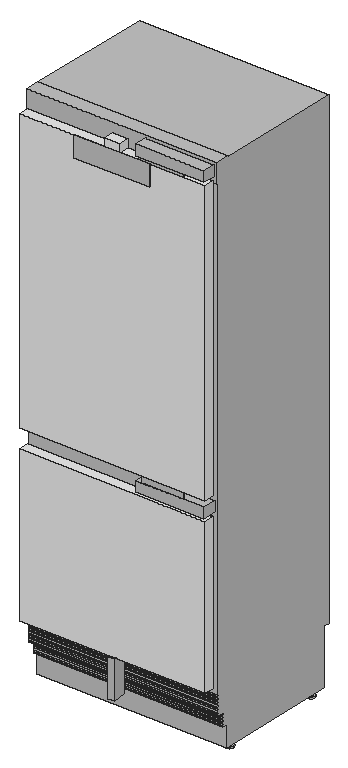
Revit family "FP_Revit_18_RS7621WRUK1_Fridge_90001120A", category Specialty Equipment, Revit 2018
Family settings
  Round Connector Dimension = Use Diameter
  Part Type = Normal
  OmniClass Number = 23.40.40.11.11
  OmniClass Title = Refrigerators and Freezers
  Work Plane-Based = No
  Always vertical = Yes
  Cut with Voids When Loaded = Yes
  Shared = No
  Room Calculation Point = No
Parameters
  Visibility - Visibility Control Note = yes
  Visibility - Clearance Required = yes
  URL = "www.fisherpaykel.com"
  Stainless Steel Door Panels (RD7621WRD) = no
  Product - Width = 756 mm  # constant formula
  Product - Height = 2134 mm  # constant formula
  Product - Depth (exl front panel) = 610 mm  # constant formula
  Model = "RS7621WRUK1"
  Material - Handle = Fisher & Paykel - Aluminium, Dark
  Material - Door Structure = Fisher & Paykel - White
  Material - Door Front = Fisher & Paykel - Stainless Steel
  Material - Body = Fisher & Paykel - Grey
  Manufacturer = "Fisher & Paykel Appliances"
  Handle Style - Contemporary Square Fine Black (AHD5RD7621WB) = no
  Handle Style - Contemporary Square Fine (AHD5RD7621W) = no
  Handle Style - Contemporary Square (AHD3RD7621W) = no
  Handle Style - Contemporary Round (AHSRD7621W) = no
  Description = "76cm Integrated Column Freezer with internal Ice & Water"
  Connector Description - Water = "1/2 BSP Stainless steel braided hose"
  Connector Description - Electrical = "230 V, 10 amp fused electrical supply"
  Cavity - Width = 762 mm  # constant formula
  Cavity - Height = 2134 mm  # constant formula
  Cavity - Depth = 650 mm  # constant formula
Reference planes
  plane 1 "Datum": y = 0
  plane 2: z = 0
  plane 3 "Center (Left/Right)": x = 0
  plane 4 "Product LHS": x = -378
  plane 5 "Product RHS": x = 378
  plane 6 "Product - Depth": y = 610
  plane 7 "Cavity LHS": x = -381
  plane 8 "Cavity RHS": x = 381
  plane 9 "Cavity - Depth": y = 628
  plane 10 "Handle Offset": x = -315
  plane 11 "Product Height": z = 2134
  plane 12 "Cavity Height": z = 2134
  plane 13 "Door Panel Datum": y = -4.1
Forms (mm)
  Extrusion 1, solid, material "Fisher & Paykel - Grey" <- "Material - Body", detail levels fine
    sketch origin (0, 0, 0) x (0, 1, 0) y (0, 0, 1)
      loop
        line (100.1, 19.1) -> (587.9, 19.1) -> (587.9, 239.7) -> (610, 239.7) -> (610, 2132.3) -> (105.1, 2132.3) -> (105.1, 2134) -> (49.9, 2134) -> (49.9, 2059) -> (56, 2059) -> (56, 228.6) -> (59.5, 228.6) -> (59.5, 219.7) -> (56.5, 219.7) -> (56.5, 215.9) -> (59.5, 215.9) -> (59.5, 207) -> (56.5, 207) -> (56.5, 203.2) -> (59.5, 203.2) -> (59.5, 194.3) -> (56.5, 194.3) -> (56.5, 190.5) -> (59.5, 190.5) -> (59.5, 181.6) -> (56.5, 181.6) -> (56.5, 177.8) -> (59.5, 177.8) -> (59.5, 168.9) -> (56.5, 168.9) -> (56.5, 165.1) -> (59.5, 165.1) -> (59.5, 156.2) -> (56.5, 156.2) -> (56.5, 152.4) -> (84.1, 152.4) -> (84.1, 143.5) -> (81.1, 143.5) -> (81.1, 139.7) -> (84.1, 139.7) -> (84.1, 130.8) -> (81.1, 130.8) -> (81.1, 127) -> (84.1, 127) -> (84.1, 118.1) -> (81.1, 118.1) -> (81.1, 114.3) -> (84.1, 114.3) -> (84.1, 105.4) -> (81.1, 105.4) -> (81.1, 101.6) -> (100.1, 101.6) -> (100.1, 19.1)
    from -378 to 378
  Extrusion 2, solid, material "Fisher & Paykel - Grey" <- "Material - Body"
    sketch origin (0, 0, 0) x (1, 0, 0) y (0, 1, 0)
      loop
        circle (-357.5, 547.8) r 4.1
      loop
        circle (-357.5, 141.8) r 4.1
      loop
        circle (357.5, 547.8) r 4.1
      loop
        circle (357.5, 141.8) r 4.1
    from 3 to 19.1
  Extrusion 3, solid, material "Fisher & Paykel - Grey" <- "Material - Body"
    sketch origin (0, 0, 0) x (1, 0, 0) y (0, 1, 0)
      loop
        circle (-357.5, 547.8) r 14.5
      loop
        circle (-357.5, 141.8) r 14.555
      loop
        circle (357.5, 547.8) r 14.5
      loop
        circle (357.5, 141.8) r 14.555
    from 0 to 3
  Extrusion 4, solid, material "Fisher & Paykel - Grey" <- "Material - Body", detail levels fine
    sketch origin (0, 0, 0) x (1, 0, 0) y (0, 1, 0)
      loop
        line (-7.5, 49) -> (-13.797, -4.1) -> (13.797, -4.1) -> (7.5, 49) -> (-7.5, 49)
    from 104.2 to 253.8
  Extrusion 5, solid, material "Fisher & Paykel - Grey" <- "Material - Body", detail levels fine
    sketch origin (0, 0, 0) x (0, 1, 0) y (0, 0, 1)
      loop
        line (0, 2070.6) -> (0, 1988.6) -> (2, 1988.6) -> (2, 2068.6) -> (4, 2068.6) -> (4, 2070.6) -> (0, 2070.6)
    from -150 to 150
  Extrusion 6, solid, material "Fisher & Paykel - Grey" <- "Material - Body"
    sketch origin (0, 0, 0) x (1, 0, 0) y (0, 0, 1)
      loop
        circle (303, 119.813) r 5
      loop
        circle (-303, 119.813) r 5
    from -590 to -587.9
  Extrusion 7, solid, material "Fisher & Paykel - White" <- "Material - Door Structure"
    sketch origin (0, 0, 0) x (1, 0, 0) y (0, 1, 0)
      loop
        line (-353, 56) -> (-353, 42) -> (353, 42) -> (353, 56) -> (-353, 56)
    from 951.3 to 2030.7
  Extrusion 8, solid, material "Fisher & Paykel - White" <- "Material - Door Structure"
    sketch origin (0, 0, 0) x (1, 0, 0) y (0, 1, 0)
      loop
        line (-369.4, 42) -> (-369.4, 3) -> (369.4, 3) -> (369.4, 42) -> (-369.4, 42)
    from 943.8 to 2068.6
  Extrusion 9, solid, material "Fisher & Paykel - White" <- "Material - Door Structure", detail levels fine
    sketch origin (0, 0, 0) x (1, 0, 0) y (0, 0, 1)
      loop
        line (-29.5, 2100.1) -> (-29.5, 2068.6) -> (29.5, 2068.6) -> (29.5, 2100.1) -> (-29.5, 2100.1)
    from -42 to -3
  Extrusion 10, solid, material "Fisher & Paykel - Stainless Steel" <- "Material - Door Front", visible <- "Stainless Steel Door Panels (RD7621WRD)"
    sketch origin (0, 0, 0) x (0, 1, 0) y (0, 0, 1)
      loop
        line (-22.1, 2130.8) -> (-22.1, 876.3) -> (-4.1, 876.3) -> (-4.1, 2130.8) -> (-22.1, 2130.8)
      loop
        line (-22.1, 102) -> (-4.1, 102) -> (-4.1, 873.1) -> (-22.1, 873.1) -> (-22.1, 102)
    from -378 to 378
  Extrusion 11, solid, material "Fisher & Paykel - Grey" <- "Material - Body", detail levels coarse+medium
    sketch origin (0, 0, 0) x (0, 1, 0) y (0, 0, 1)
      loop
        line (49.9, 2134) -> (49.9, 2059) -> (56, 2059) -> (56, 152.4) -> (81.1, 152.4) -> (81.1, 101.6) -> (100.1, 101.6) -> (100.1, 19.1) -> (587.9, 19.1) -> (587.9, 239.7) -> (610, 239.7) -> (610, 2134) -> (49.9, 2134)
    from -378 to 378
  Extrusion 12, solid, material "Fisher & Paykel - Grey" <- "Material - Body", detail levels fine
    sketch origin (0, 0, -4) x (0, 1, 0) y (0, 0, 1)
      loop
        arc (163.888, 23.1) -> (180.4, 13.63) -> (196.912, 23.1) r 19.13
        line (196.912, 23.1) -> (163.888, 23.1)
      loop
        arc (493.888, 23.1) -> (510.4, 13.63) -> (526.912, 23.1) r 19.13
        line (526.912, 23.1) -> (493.888, 23.1)
    from 191 to 219
  Extrusion 13, solid, material "Fisher & Paykel - Grey" <- "Material - Body", detail levels fine
    sketch origin (0, 0, -4) x (0, 1, 0) y (0, 0, -1)
      loop
        line (163.888, -23.1) -> (196.912, -23.1)
        arc (196.912, -23.1) -> (180.4, -13.63) -> (163.888, -23.1) r 19.13
      loop
        line (493.888, -23.1) -> (526.912, -23.1)
        arc (526.912, -23.1) -> (510.4, -13.63) -> (493.888, -23.1) r 19.13
    from 191 to 219
  Extrusion 14, solid, material "Fisher & Paykel - Clearance Required", visible <- "Visibility - Clearance Required", detail levels coarse
    sketch origin (0, 0, 0) x (1, 0, 0) y (0, 1, 0)
      loop
        line (-381, 628) -> (-381, -4.1) -> (381, -4.1) -> (381, 628) -> (-381, 628)
    from 0 to 2134
  Extrusion 15, void
    sketch origin (0, 0, 0) x (1, 0, 0) y (0, 1, 0)
      loop
        line (-381, 628) -> (-381, -22.1) -> (381, -22.1) -> (381, 628) -> (-381, 628)
    from 0 to 2134
  Extrusion 16, solid, material "Fisher & Paykel - Grey" <- "Material - Body", detail levels fine
    sketch origin (0, 0, 0) x (1, 0, 0) y (0, 0, 1)
      loop
        line (118.4, 943.8) -> (118.4, 919.35) -> (282.9, 919.35) -> (282.9, 943.8) -> (118.4, 943.8)
      loop
        line (106, 2081.05) -> (106, 2068.6) -> (282.9, 2068.6) -> (282.9, 2076.05) -> (242.9, 2081.05) -> (106, 2081.05)
    from -7 to -4
  Extrusion 17, solid, material "Fisher & Paykel - White" <- "Material - Door Structure"
    sketch origin (0, 0, 0) x (1, 0, 0) y (0, 1, 0)
      loop
        line (-369.4, 42) -> (-369.4, 3) -> (369.4, 3) -> (369.4, 42) -> (-369.4, 42)
    from 253.8 to 868.15
  Extrusion 18, solid, material "Fisher & Paykel - White" <- "Material - Door Structure"
    sketch origin (0, 0, 0) x (1, 0, 0) y (0, 1, 0)
      loop
        line (-353, 56) -> (-353, 42) -> (353, 42) -> (353, 56) -> (-353, 56)
    from 269.2 to 858.13
  Extrusion 19, solid, material "Fisher & Paykel - Clearance Required", visible <- "Visibility - Clearance Required", detail levels coarse
    sketch origin (0, 0, 0) x (0, 1, 0) y (0, 0, 1)
      loop
        line (-422.1, 873.1) -> (-422.1, 818.896) -> (-482.1, 818.896) -> (-482.1, 781.896) -> (-422.1, 781.896) -> (-422.1, 101.6) -> (-22.1, 101.6) -> (-22.1, 873.1) -> (-422.1, 873.1)
    from -381 to 381
  Extrusion 20, solid, material "Fisher & Paykel - Clearance Required", visible <- "Visibility - Clearance Required", detail levels coarse
    sketch origin (0, -0.697, 0) x (1, 0, 0) y (0, 1, 0)
      loop
        line (-328.5, -21.303) -> (-377.998, -21.303)
        arc (-377.998, -21.303) -> (-22.041, -691.204) -> (734.607, -745.568) r 783.526
        line (734.607, -745.568) -> (712.602, -698.253) -> (738.875, -686.002)
        arc (738.875, -686.002) -> (747.815, -661.44) -> (723.253, -652.5) r 18.483
        line (723.253, -652.5) -> (697.006, -664.698) -> (415.929, -59.898)
        arc (415.929, -59.898) -> (380.987, -56.309) -> (378.07, -21.303) r 27.504
        line (378.07, -21.303) -> (-328.5, -21.303)
    from 876.3 to 2134
  Extrusion 21, solid, material "Fisher & Paykel - Grey" <- "Material - Body", detail levels fine
    sketch origin (0, 0, 0) x (1, 0, 0) y (0, 0, 1)
      loop
        line (366.4, 2123.15) -> (95.42, 2123.15) -> (95.42, 2081.05) -> (366.4, 2081.05) -> (366.4, 2123.15)
    from -49 to -2.5
  Extrusion 22, solid, material "Fisher & Paykel - Grey" <- "Material - Body", detail levels fine
    sketch origin (0, 0, 0) x (1, 0, 0) y (0, 0, 1)
      loop
        line (366.4, 877.25) -> (366.4, 919.35) -> (95.42, 919.35) -> (95.42, 877.25) -> (366.4, 877.25)
    from -56 to -2.5
Lines and regions (mm)
  model lines, style "Fisher & Paykel"
    curve 1: line (-378, -4.1, 2130.8) -> (378, -4.1, 2130.8)
    curve 2: line (-378, -4.1, 876.3) -> (-378, -4.1, 2130.8)
    curve 3: line (378, -4.1, 876.3) -> (-378, -4.1, 876.3)
    curve 4: line (378, -4.1, 2130.8) -> (378, -4.1, 876.3)
    curve 5: line (378, -4.1, 873.1) -> (-378, -4.1, 873.1)
    curve 6: line (378, -4.1, 102) -> (378, -4.1, 873.1)
    curve 7: line (-378, -4.1, 102) -> (378, -4.1, 102)
    curve 8: line (-378, -4.1, 873.1) -> (-378, -4.1, 102)
Text (mm)
  text "Due to ongoing product development, product details are subject to change without notice. \nPlease always refer to www.fisherpaykel.com for the most current product information. \n© Fisher & Paykel 2020" at (41.04, -878.295, 0), in view "Ref. Level (Plan)"
Dimensions and locks
  equal spacing: plane 4 "Product LHS", plane 3 "Center (Left/Right)", plane 5 "Product RHS"
  "Product - Width": plane 4 "Product LHS" to plane 5 "Product RHS"
  "Product - Depth (exl front panel)": plane 1 "Datum" to plane 6 "Product - Depth"
  equal spacing: plane 7 "Cavity LHS", plane 3 "Center (Left/Right)", plane 8 "Cavity RHS"
  "Cavity - Width": plane 7 "Cavity LHS" to plane 8 "Cavity RHS"
  plane 4 "Product LHS" to Extrusion 2 sketch curve = 24.6 mm
  plane 4 "Product LHS" to plane 10 "Handle Offset" = 63 mm
  Extrusion 6 sketch curve to Extrusion 1 = 119.887 mm  (x2)
  Extrusion 6 sketch curve to plane 5 "Product RHS" = 75 mm
  plane 4 "Product LHS" to Extrusion 6 sketch curve = 75 mm
  Extrusion 1 sketch curve to Extrusion 1 sketch curve = 82.5 mm
  Extrusion 1 sketch curve to Extrusion 1 sketch curve = 209.5 mm
  Extrusion 1 sketch curve to Extrusion 1 sketch curve = 220.6 mm
  Extrusion 3 to level = 3 mm
  Extrusion 11 to Extrusion 8 = 924.7 mm
  Extrusion 11 to Extrusion 7 = 932.2 mm
  Extrusion 11 to Extrusion 11 = 2114.9 mm
  Extrusion 11 to Extrusion 10 = 82.9 mm
  "Product - Height": level to plane 11 "Product Height"
  plane 11 "Product Height" to Extrusion 10 = 3.2 mm
  Extrusion 8 to plane 11 "Product Height" = 65.4 mm
  Extrusion 7 to plane 11 "Product Height" = 103.3 mm
  Extrusion 11 sketch curve to plane 11 "Product Height" = 75 mm
  Extrusion 1 sketch curve to plane 11 "Product Height" = 1.7 mm
  Extrusion 1 sketch curve to plane 11 "Product Height" = 75 mm
  "Cavity - Height": plane 12 "Cavity Height" to level
  plane 1 "Datum" to Extrusion 14 = 628 mm
  plane 1 "Datum" to Extrusion 15 = 628 mm
  Extrusion 16 sketch curve to Extrusion 16 sketch curve = 40 mm
  Extrusion 16 sketch curve to plane 3 "Center (Left/Right)" = 106 mm
  Extrusion 16 sketch curve to Extrusion 16 sketch curve = 176.9 mm
  Extrusion 16 sketch curve to plane 3 "Center (Left/Right)" = 118.4 mm
  plane 3 "Center (Left/Right)" to Extrusion 16 sketch curve = 282.9 mm
  Extrusion 15 to level = 2134 mm
  "Cavity - Depth": Extrusion 15 to Extrusion 20
  Extrusion 20 to plane 1 "Datum" = 22 mm
  radius of Extrusion 6 sketch curve = 5 mm
  aligned and locked: level to plane 2
  aligned and locked: Extrusion 10 to plane 5 "Product RHS"
  aligned and locked: plane 4 "Product LHS" to Extrusion 10
  aligned and locked: Extrusion 11 to plane 5 "Product RHS"
  aligned and locked: Extrusion 11 to plane 4 "Product LHS"
  aligned and locked: Extrusion 11 sketch curve to plane 11 "Product Height"
  aligned and locked: plane 11 "Product Height" to Extrusion 1 sketch curve
  aligned and locked: Extrusion 12 sketch curve to Extrusion 12 sketch curve
  aligned and locked: Extrusion 13 sketch curve to Extrusion 13 sketch curve
  aligned and locked: Extrusion 1 to plane 5 "Product RHS"
  aligned and locked: plane 4 "Product LHS" to Extrusion 1
  aligned and locked: nested 2 to plane 10 "Handle Offset"
  aligned and locked: nested 3 to plane 10 "Handle Offset"
  aligned and locked: nested 4 to plane 10 "Handle Offset"
  aligned and locked: nested 5 to plane 10 "Handle Offset"
Automatic sketch dimensions
  Extrusion 1 sketch curve to plane 6 "Product - Depth" = 0 mm
  Extrusion 1 sketch curve to Extrusion 1 sketch curve = 22.1 mm
  Extrusion 1 sketch curve to plane 1 "Datum" = 105.1 mm
  level to Extrusion 1 sketch curve = 19.1 mm
  Extrusion 1 sketch curve to plane 1 "Datum" = 100.1 mm
  Extrusion 1 sketch curve to Extrusion 1 sketch curve = 16 mm
  Extrusion 1 sketch curve to Extrusion 1 sketch curve = 0 mm  (x8)
  Extrusion 1 sketch curve to Extrusion 1 sketch curve = 3 mm  (x10)
  Extrusion 1 sketch curve to plane 1 "Datum" = 59.5 mm
  Extrusion 1 sketch curve to plane 1 "Datum" = 56 mm
  Extrusion 1 sketch curve to plane 1 "Datum" = 49.9 mm
  Extrusion 1 sketch curve to Extrusion 1 sketch curve = 3.8 mm  (x10)
  Extrusion 1 sketch curve to Extrusion 1 sketch curve = 8.9 mm  (x9)
  Extrusion 2 sketch curve to plane 4 "Product LHS" = 20.5 mm  (x2)
  plane 5 "Product RHS" to Extrusion 2 sketch curve = 20.5 mm  (x2)
  Extrusion 2 sketch curve to plane 1 "Datum" = 141.8 mm  (x2)
  Extrusion 2 sketch curve to plane 6 "Product - Depth" = 62.2 mm  (x2)
  Extrusion 3 sketch curve to plane 4 "Product LHS" = 20.5 mm  (x2)
  plane 5 "Product RHS" to Extrusion 3 sketch curve = 20.5 mm  (x2)
  Extrusion 3 sketch curve to plane 1 "Datum" = 141.8 mm  (x2)
  Extrusion 3 sketch curve to plane 6 "Product - Depth" = 62.2 mm  (x2)
  plane 1 "Datum" to Extrusion 4 sketch curve = 4.1 mm
  Extrusion 4 sketch curve to plane 3 "Center (Left/Right)" = 13.797 mm
  Extrusion 4 sketch curve to plane 3 "Center (Left/Right)" = 7.5 mm
  plane 3 "Center (Left/Right)" to Extrusion 4 sketch curve = 7.5 mm
  plane 3 "Center (Left/Right)" to Extrusion 4 sketch curve = 13.797 mm
  Extrusion 4 sketch curve to plane 1 "Datum" = 49 mm
  Extrusion 5 sketch curve to plane 1 "Datum" = 0 mm
  Extrusion 5 sketch curve to plane 1 "Datum" = 2 mm
  Extrusion 5 sketch curve to Extrusion 5 sketch curve = 2 mm  (x2)
  plane 11 "Product Height" to Extrusion 5 sketch curve = 145.4 mm
  plane 11 "Product Height" to Extrusion 5 sketch curve = 65.4 mm
  Extrusion 7 sketch curve to plane 4 "Product LHS" = 25 mm
  plane 5 "Product RHS" to Extrusion 7 sketch curve = 25 mm
  Extrusion 7 sketch curve to plane 1 "Datum" = 42 mm
  Extrusion 7 sketch curve to Extrusion 7 sketch curve = 14 mm
  Extrusion 8 sketch curve to plane 1 "Datum" = 3 mm
  Extrusion 8 sketch curve to plane 4 "Product LHS" = 8.6 mm
  plane 5 "Product RHS" to Extrusion 8 sketch curve = 8.6 mm
  Extrusion 8 sketch curve to Extrusion 8 sketch curve = 39 mm
  Extrusion 9 sketch curve to plane 3 "Center (Left/Right)" = 29.5 mm
  plane 3 "Center (Left/Right)" to Extrusion 9 sketch curve = 29.5 mm
  plane 11 "Product Height" to Extrusion 9 sketch curve = 65.4 mm
  Extrusion 9 sketch curve to Extrusion 9 sketch curve = 31.5 mm
  Extrusion 11 sketch curve to plane 6 "Product - Depth" = 0 mm
  Extrusion 11 sketch curve to plane 6 "Product - Depth" = 22.1 mm
  Extrusion 11 sketch curve to plane 1 "Datum" = 100.1 mm
  Extrusion 11 sketch curve to Extrusion 11 sketch curve = 19 mm
  Extrusion 11 sketch curve to plane 1 "Datum" = 56 mm
  Extrusion 11 sketch curve to plane 1 "Datum" = 49.9 mm
  level to Extrusion 11 sketch curve = 239.7 mm
  level to Extrusion 11 sketch curve = 152.4 mm
  Extrusion 11 sketch curve to Extrusion 11 sketch curve = 50.8 mm
  level to Extrusion 11 sketch curve = 19.1 mm
  level to Extrusion 12 sketch curve = 19.1 mm
  Extrusion 12 sketch curve to plane 1 "Datum" = 163.888 mm
  Extrusion 12 sketch curve to Extrusion 12 sketch curve = 16.512 mm  (x2)
  Extrusion 12 sketch curve to plane 6 "Product - Depth" = 116.112 mm
  Extrusion 12 sketch curve to Extrusion 12 sketch curve = 9.66 mm  (x2)
  level to Extrusion 13 sketch curve = 19.1 mm
  Extrusion 13 sketch curve to plane 1 "Datum" = 163.888 mm
  Extrusion 13 sketch curve to Extrusion 13 sketch curve = 16.512 mm  (x2)
  Extrusion 13 sketch curve to plane 6 "Product - Depth" = 116.112 mm
  Extrusion 13 sketch curve to Extrusion 13 sketch curve = 9.66 mm  (x2)
  Extrusion 14 sketch curve to plane 7 "Cavity LHS" = 0 mm
  Extrusion 14 sketch curve to plane 8 "Cavity RHS" = 0 mm
  Extrusion 14 sketch curve to plane 9 "Cavity - Depth" = 0 mm
  plane 1 "Datum" to Extrusion 14 sketch curve = 4.1 mm
  Extrusion 15 sketch curve to plane 7 "Cavity LHS" = 0 mm
  Extrusion 15 sketch curve to plane 8 "Cavity RHS" = 0 mm
  plane 9 "Cavity - Depth" to Extrusion 15 sketch curve = 0 mm
  plane 1 "Datum" to Extrusion 15 sketch curve = 22.1 mm
  level to Extrusion 16 sketch curve = 919.35 mm
  Extrusion 16 sketch curve to Extrusion 16 sketch curve = 24.45 mm
  plane 11 "Product Height" to Extrusion 16 sketch curve = 65.4 mm
  Extrusion 16 sketch curve to Extrusion 16 sketch curve = 7.45 mm
  Extrusion 16 sketch curve to Extrusion 16 sketch curve = 5 mm
  Extrusion 17 sketch curve to plane 1 "Datum" = 3 mm
  Extrusion 17 sketch curve to plane 4 "Product LHS" = 8.6 mm
  plane 5 "Product RHS" to Extrusion 17 sketch curve = 8.6 mm
  Extrusion 17 sketch curve to Extrusion 17 sketch curve = 39 mm
  Extrusion 18 sketch curve to plane 4 "Product LHS" = 25 mm
  plane 5 "Product RHS" to Extrusion 18 sketch curve = 25 mm
  Extrusion 18 sketch curve to plane 1 "Datum" = 42 mm
  Extrusion 18 sketch curve to Extrusion 18 sketch curve = 14 mm
  plane 1 "Datum" to Extrusion 19 sketch curve = 482.1 mm
  Extrusion 19 sketch curve to Extrusion 19 sketch curve = 60 mm
  Extrusion 19 sketch curve to Extrusion 19 sketch curve = 0 mm
  plane 1 "Datum" to Extrusion 19 sketch curve = 22.1 mm
  level to Extrusion 19 sketch curve = 101.6 mm
  Extrusion 19 sketch curve to Extrusion 19 sketch curve = 680.296 mm
  Extrusion 19 sketch curve to Extrusion 19 sketch curve = 37 mm
  Extrusion 19 sketch curve to Extrusion 19 sketch curve = 54.204 mm
  Extrusion 20 sketch curve to plane 4 "Product LHS" = 0.002 mm
  plane 10 "Handle Offset" to Extrusion 20 sketch curve = 13.5 mm
  Extrusion 20 sketch curve to plane 5 "Product RHS" = 0.07 mm
  Extrusion 20 sketch curve to plane 8 "Cavity RHS" = 19.621 mm
  Extrusion 20 sketch curve to Extrusion 20 sketch curve = 4.795 mm
  Extrusion 20 sketch curve to Extrusion 20 sketch curve = 10.514 mm
  Extrusion 20 sketch curve to plane 8 "Cavity RHS" = 316.006 mm
  Extrusion 20 sketch curve to Extrusion 20 sketch curve = 15.596 mm
  Extrusion 20 sketch curve to Extrusion 20 sketch curve = 26.247 mm
  Extrusion 20 sketch curve to Extrusion 20 sketch curve = 7.811 mm  (x2)
  Extrusion 20 sketch curve to Extrusion 20 sketch curve = 22.005 mm
  plane 1 "Datum" to Extrusion 20 sketch curve = 746.265 mm
  Extrusion 20 sketch curve to Extrusion 20 sketch curve = 47.315 mm
  Extrusion 20 sketch curve to Extrusion 20 sketch curve = 12.251 mm
  Extrusion 20 sketch curve to Extrusion 20 sketch curve = 16.751 mm
  Extrusion 20 sketch curve to Extrusion 20 sketch curve = 12.198 mm
  Extrusion 20 sketch curve to Extrusion 20 sketch curve = 22.85 mm
  plane 11 "Product Height" to Extrusion 21 sketch curve = 10.85 mm
  plane 3 "Center (Left/Right)" to Extrusion 21 sketch curve = 95.42 mm
  plane 5 "Product RHS" to Extrusion 21 sketch curve = 11.6 mm
  Extrusion 21 sketch curve to Extrusion 21 sketch curve = 42.1 mm
  plane 3 "Center (Left/Right)" to Extrusion 22 sketch curve = 95.42 mm
  plane 5 "Product RHS" to Extrusion 22 sketch curve = 11.6 mm
  level to Extrusion 22 sketch curve = 877.25 mm
  Extrusion 22 sketch curve to Extrusion 22 sketch curve = 42.1 mm
  plane 11 "Product Height" to Extrusion 10 sketch curve = 3.2 mm
  plane 1 "Datum" to Extrusion 10 sketch curve = 22.1 mm
  plane 1 "Datum" to Extrusion 10 sketch curve = 4.1 mm  (x2)
  level to Extrusion 10 sketch curve = 102 mm
  Extrusion 10 sketch curve to Extrusion 10 sketch curve = 774.3 mm
  Extrusion 10 sketch curve to Extrusion 10 sketch curve = 3.2 mm
  Extrusion 10 sketch curve to Extrusion 10 sketch curve = 18 mm
  plane 5 "Product RHS" to curve 5 = 0 mm
  plane 5 "Product RHS" to curve 1 = 0 mm
  plane 4 "Product LHS" to curve 5 = 0 mm
  plane 4 "Product LHS" to curve 2 = 0 mm
  level to curve 6 = 102 mm
  curve 6 to curve 6 = 771.1 mm
  curve 5 to curve 2 = 3.2 mm
  plane 11 "Product Height" to curve 2 = 3.2 mm
  radius of Extrusion 2 sketch curve = 4.1 mm  (x3)
  radius of Extrusion 3 sketch curve = 14.5 mm  (x2)
  radius of Extrusion 3 sketch curve = 14.555 mm  (x2)
  radius of Extrusion 6 sketch curve = 5 mm
Nested families
  nested 1: "Visibility Control Note 18" at (0, 0, 0), visible <- "Visibility - Visibility Control Note", type "Visibility Control Note 18"
  nested 2: "Handle Contemporary Round - Vertical" at (-315, -22.1, 1322.58), visible <- "Handle Style - Contemporary Round (AHSRD7621W)", type "AHSRD7621W - Contemporary round handle (1 of 2) (Vertical) 727mm"
  nested 3: "Handle Contemporary Square - Vertical" at (-315, -22.1, 1322.58), visible <- "Handle Style - Contemporary Square (AHD3RD7621W)", type "AHD3RD7621W - Contemporary square handle (1 of 2) (Vertical) 727mm"
  nested 4: "F&P Handle Kit - Contemporary Square Fine - Vertical" at (-315, -22.1, 1322.58), visible <- "Handle Style - Contemporary Square Fine Black (AHD5RD7621WB)", type "AHD5RD7621WB - Contemporary square fine black handle (1 of 2) (Vertical) 727mm"
  nested 5: "F&P Handle Kit - Contemporary Square Fine - Vertical" at (-315, -22.1, 1322.58), visible <- "Handle Style - Contemporary Square Fine (AHD5RD7621W)", type "AHD5RD7621W - Contemporary square fine handle (1 of 2) (Vertical) 727mm"
  nested 6: "Handle Contemporary Round - Horizontal" at (0, -22.1, 800.364), visible <- "Handle Style - Contemporary Round (AHSRD7621W)", type "AHSRD7621W - Contemporary round handle (2 of 2) (Horizontal) 646mm"
  nested 7: "Handle Contemporary Square - Horizontal" at (0, -22.1, 800.364), visible <- "Handle Style - Contemporary Square (AHD3RD7621W)", type "AHD3RD7621W - Contemporary square handle (2 of 2) (Horizontal) 646mm"
  nested 8: "F&P Handle Kit - Contemporary Square Fine - Horizontal" at (0, -22.1, 800.364), visible <- "Handle Style - Contemporary Square Fine Black (AHD5RD7621WB)", type "AHD5RD7621WB - Contemporary square fine handle black (2 of 2) (Horizontal) 646mm"
  nested 9: "F&P Handle Kit - Contemporary Square Fine - Horizontal" at (0, -22.1, 800.364), visible <- "Handle Style - Contemporary Square Fine (AHD5RD7621W)", type "AHD5RD7621W - Contemporary square fine handle (2 of 2) (Horizontal) 646mm"
Connectors
  electrical at (-303, 590, 119.813), driven by "Connector Description - Electrical"
    settings: on Extrusion 6, index 1, voltage 230 V, apparent load 0 VA, apparent load phase1 0 VA, apparent load phase2 0 VA, apparent load phase3 0 VA, power factor 1, load classification "Other", number of poles 1, system type 30, power factor state 1, is connector primary yes, connector utility no, sub classification motor no, connector description "230 V, 10 amp fused electrical supply"
  piping at (303, 590, 119.813), diameter 12.7, driven by "Connector Description - Water"
    settings: on Extrusion 6, index 2, connector inside diameter 609.6 mm, connector length 0 mm, flow factor 0, pipe flow 0.0 L/s, pressure drop 0.0 Pa, fitting loss kfactor 0, connector angle 0.00°, fixture units 0, engagement length 0 mm, angle of deflection 0.00°, flow configuration 0, flow direction 1, fitting loss method 0, system type 20, joint type 0, gender type 0, connector reference index -1, connector utility 1, adjustable connector no, is connector primary yes, connector description "1/2 BSP Stainless steel braided hose"
Definition of nested family "Handle Contemporary Round - Vertical"
  Parameters (values of type "AHSRD7621W - Contemporary round handle (1 of 2) (Vertical) 727mm")
    URL = "www.fisherpaykel.com"
    Material - Handle = none
    Manufacturer = "Fisher & Paykel Appliances"
    Handle - Length = 727 mm
  Types (8, lengths in mm): name | Handle - Length
    AHS-RD21 - Contemporary round handle (Vertical) 852mm | 852
    AHSRD2484W - Contemporary round handle (1 of 2) (Vertical) 727mm | 727
    AHSRD3084W - Contemporary round handle (1 of 2) (Vertical) 727mm | 727
    AHS-RD84 - Contemporary round handle (Vertical) 852mm | 852
    AHSRS3272A - Contemporary round handle (1 of 2) (Vertical) 727mm | 727
    AHSRS80A - Contemporary round handle (1 of 2) (Vertical) 727mm | 727
    AHSRD6121W - Contemporary round handle (1 of 2) (Vertical) 727mm | 727
    AHSRD7621W - Contemporary round handle (1 of 2) (Vertical) 727mm | 727
  Reference planes
    plane 1 "Center (Front/Back)": y = 0
    plane 2: z = 0
    plane 3 "Center (Left/Right)": x = 0
    plane 4 "Top": z = 363.5
    plane 5 "Bottom": z = -363.5
    plane 6 "Top Standoff": z = 243.5
    plane 7 "Bottom Standoff": z = -243.5
  Forms (mm)
    Extrusion 1, solid, material <- "Material - Handle"
      sketch origin (0, 0, 0) x (1, 0, 0) y (0, 1, 0)
        loop
          circle (0, -32.3) r 8.7
      from -243.5 to 243.5
    Extrusion 2, solid, material <- "Material - Handle", detail levels fine
      sketch origin (0, 0, 0) x (1, 0, 0) y (0, 1, 0)
        loop
          line (-8.7, 0) -> (-8.7, -32.3)
          arc (-8.7, -32.3) -> (0, -41) -> (8.7, -32.3) r 8.7
          line (8.7, -32.3) -> (8.7, 0) -> (-8.7, 0)
      from 243.5 to 363.5
    Extrusion 3, solid, material <- "Material - Handle", detail levels fine
      sketch origin (0, 0, 0) x (1, 0, 0) y (0, 1, 0)
        loop
          line (-8.7, 0) -> (-8.7, -32.3)
          arc (-8.7, -32.3) -> (0, -41) -> (8.7, -32.3) r 8.7
          line (8.7, -32.3) -> (8.7, 0) -> (-8.7, 0)
      from -363.5 to -243.5
    Sweep 4, void
      path in 3D
        loop
          line (8.7, 0, -363.5) -> (8.7, -32.3, -363.5)
          arc (8.7, -32.3, -363.5) -> (0, -41, -363.5) -> (-8.7, -32.3, -363.5) r 8.7
          line (-8.7, -32.3, -363.5) -> (-8.7, 0, -363.5)
      profile origin (8.7, -16.15, -363.5) x (-1, 0, 0) y (0, 0, -1)
        loop
          line (0, 0) -> (0, -1) -> (1, 0) -> (0, 0)
    Sweep 5, void
      path in 3D
        loop
          line (-8.7, 0, 363.5) -> (-8.7, -32.3, 363.5)
          arc (-8.7, -32.3, 363.5) -> (0, -41, 363.5) -> (8.7, -32.3, 363.5) r 8.7
          line (8.7, -32.3, 363.5) -> (8.7, 0, 363.5)
      profile origin (8.7, -16.15, 363.5) x (-1, 0, 0) y (0, 0, 1)
        loop
          line (0, 0) -> (0, -1) -> (1, 0) -> (0, 0)
    Extrusion 6, solid, material <- "Material - Handle", detail levels coarse+medium
      sketch origin (0, 0, 0) x (1, 0, 0) y (0, 1, 0)
        loop
          line (-8.7, 0) -> (-8.7, -32.3)
          arc (-8.7, -32.3) -> (0, -41) -> (8.7, -32.3) r 8.7
          line (8.7, -32.3) -> (8.7, 0) -> (-8.7, 0)
      from 243.5 to 363.5
    Extrusion 7, solid, material <- "Material - Handle", detail levels coarse+medium
      sketch origin (0, 0, 0) x (1, 0, 0) y (0, 1, 0)
        loop
          line (-8.7, 0) -> (-8.7, -32.3)
          arc (-8.7, -32.3) -> (0, -41) -> (8.7, -32.3) r 8.7
          line (8.7, -32.3) -> (8.7, 0) -> (-8.7, 0)
      from -363.5 to -243.5
  Cuts and joins
    Sweep 4 cuts Extrusion 3
    Sweep 5 cuts Extrusion 2
  Lines and regions (mm)
    sketch lines
      curve 1: line (8.7, 0, -363.5) -> (8.7, -32.3, -363.5)
      curve 2: arc (-8.7, -32.3, -363.5) -> (0, -41, -363.5) -> (8.7, -32.3, -363.5) r 8.7
      curve 3: line (-8.7, -32.3, -363.5) -> (-8.7, 0, -363.5)
      curve 4: line (8.7, -32.3, 363.5) -> (8.7, 0, 363.5)
      curve 5: arc (8.7, -32.3, 363.5) -> (0, -41, 363.5) -> (-8.7, -32.3, 363.5) r 8.7
      curve 6: line (-8.7, 0, 363.5) -> (-8.7, -32.3, 363.5)
  Dimensions and locks
    equal spacing: plane 4 "Top", level, plane 5 "Bottom"
    "Handle - Length": plane 4 "Top" to plane 5 "Bottom"
    locked: plane 4 "Top" to plane 6 "Top Standoff" at 120
    locked: plane 7 "Bottom Standoff" to plane 5 "Bottom" at 120
    Extrusion 2 sketch curve to Extrusion 2 sketch curve = 17.4 mm
    Extrusion 3 sketch curve to Extrusion 3 sketch curve = 17.4 mm
    Extrusion 6 sketch curve to Extrusion 6 sketch curve = 17.4 mm
    Extrusion 7 sketch curve to Extrusion 7 sketch curve = 17.4 mm
    aligned and locked: level to plane 2
    aligned and locked: plane 4 "Top" to Extrusion 2
    aligned and locked: Extrusion 3 to plane 5 "Bottom"
    aligned and locked: plane 7 "Bottom Standoff" to Extrusion 3
    aligned and locked: Extrusion 1 to plane 7 "Bottom Standoff"
    aligned and locked: plane 6 "Top Standoff" to Extrusion 1
    aligned and locked: Extrusion 2 to Extrusion 1
    aligned and locked: Extrusion 6 to Extrusion 1
    aligned and locked: plane 4 "Top" to Extrusion 6
    aligned and locked: Extrusion 7 to Extrusion 1
    aligned and locked: Extrusion 7 to plane 5 "Bottom"
  Automatic sketch dimensions
    Extrusion 1 sketch curve to plane 3 "Center (Left/Right)" = 0 mm
    plane 1 "Center (Front/Back)" to Extrusion 1 sketch curve = 32.3 mm
    plane 1 "Center (Front/Back)" to Extrusion 2 sketch curve = 0 mm
    Extrusion 2 sketch curve to plane 3 "Center (Left/Right)" = 0 mm
    Extrusion 2 sketch curve to plane 3 "Center (Left/Right)" = 8.7 mm
    plane 1 "Center (Front/Back)" to Extrusion 2 sketch curve = 32.3 mm
    plane 1 "Center (Front/Back)" to Extrusion 3 sketch curve = 0 mm
    Extrusion 3 sketch curve to plane 3 "Center (Left/Right)" = 0 mm
    Extrusion 3 sketch curve to plane 3 "Center (Left/Right)" = 8.7 mm
    plane 1 "Center (Front/Back)" to Extrusion 3 sketch curve = 32.3 mm
    Sweep 4 sketch curve to profile plane = 0 mm  (x2)
    Sweep 4 sketch curve to profile plane = 1 mm  (x2)
    Sweep 5 sketch curve to profile plane = 0 mm  (x2)
    Sweep 5 sketch curve to profile plane = 1 mm  (x2)
    Extrusion 6 sketch curve to plane 3 "Center (Left/Right)" = 0 mm
    Extrusion 6 sketch curve to plane 3 "Center (Left/Right)" = 8.7 mm
    plane 1 "Center (Front/Back)" to Extrusion 6 sketch curve = 32.3 mm
    Extrusion 6 sketch curve to Extrusion 6 sketch curve = 32.3 mm
    Extrusion 7 sketch curve to plane 3 "Center (Left/Right)" = 0 mm
    Extrusion 7 sketch curve to plane 3 "Center (Left/Right)" = 8.7 mm
    plane 1 "Center (Front/Back)" to Extrusion 7 sketch curve = 32.3 mm
    Extrusion 7 sketch curve to Extrusion 7 sketch curve = 32.3 mm
    radius of Extrusion 1 sketch curve = 8.7 mm
Definition of nested family "Handle Contemporary Square - Vertical"
  Parameters (values of type "AHD3RD6121W - Contemporary square handle (1 of 2) (Vertical) 727mm")
    URL = "www.fisherpaykel.com"
    Material - Handle = none
    Manufacturer = "Fisher & Paykel Appliances"
    Handle - Length = 727 mm
  Types (9, lengths in mm): name | Handle - Length
    (no name) | 727
    AHD3-RD21 - Contemporary square handle (Vertical) 852mm | 852
    AHD3RD2484W - Contemporary square handle (1 of 2) (Vertical) 727mm | 727
    AHD3RD3084W - Contemporary square handle (1 of 2) (Vertical) 727mm | 727
    AHD3-RD84 - Contemporary square handle (Vertical) 852mm | 852
    AHD3RS3272A - Contemporary square handle (1 of 2) (Vertical) 727mm | 727
    AHD3RS80A - Contemporary square handle (1 of 2) (Vertical) 727mm | 727
    AHD3RD6121W - Contemporary square handle (1 of 2) (Vertical) 727mm | 727
    AHD3RD7621W - Contemporary square handle (1 of 2) (Vertical) 727mm | 727
  Reference planes
    plane 1 "Center (Front/Back)": y = 0
    plane 2: z = 0
    plane 3 "Center (Left/Right)": x = 0
    plane 4 "Top": z = 363.5
    plane 5 "Bottom": z = -363.5
    plane 6 "Top Standoff": z = 243.5
    plane 7 "Bottom Standoff": z = -243.5
  Forms (mm)
    Extrusion 1, solid, material <- "Material - Handle", detail levels fine
      sketch origin (0, 0, 0) x (1, 0, 0) y (0, 1, 0)
        loop
          arc (-7.583, -28.701) -> (-7.89, -29.057) -> (-8, -29.514) r 1
          line (-8, -29.514) -> (-8, -40.5)
          arc (-8, -40.5) -> (-7.561, -41.561) -> (-6.5, -42) r 1.5
          line (-6.5, -42) -> (6.5, -42)
          arc (6.5, -42) -> (7.561, -41.561) -> (8, -40.5) r 1.5
          line (8, -40.5) -> (8, -29.487)
          arc (8, -29.487) -> (7.889, -29.029) -> (7.58, -28.673) r 1
          arc (7.58, -28.673) -> (-0.006, -26.256) -> (-7.583, -28.701) r 13.038
      from -363.5 to 363.5
    Extrusion 2, solid, material <- "Material - Handle", detail levels fine
      sketch origin (0, 0, 0) x (1, 0, 0) y (0, 1, 0)
        loop
          arc (7.058, -28.23) -> (7.466, -28.244) -> (7.674, -27.893) r 0.4
          line (7.674, -27.893) -> (7.674, 0) -> (-7.674, 0) -> (-7.674, -27.86)
          arc (-7.674, -27.86) -> (-7.467, -28.21) -> (-7.06, -28.198) r 0.4
          arc (-7.06, -28.198) -> (0.004, -26.156) -> (7.058, -28.23) r 13.136
      from 243.5 to 363.5
    Extrusion 3, solid, material <- "Material - Handle", detail levels fine
      sketch origin (0, 0, 0) x (1, 0, 0) y (0, 1, 0)
        loop
          arc (7.058, -28.23) -> (7.466, -28.244) -> (7.674, -27.893) r 0.4
          line (7.674, -27.893) -> (7.674, 0) -> (-7.674, 0) -> (-7.674, -27.86)
          arc (-7.674, -27.86) -> (-7.467, -28.21) -> (-7.06, -28.198) r 0.4
          arc (-7.06, -28.198) -> (0.004, -26.156) -> (7.058, -28.23) r 13.136
      from -363.5 to -243.5
    Sweep 4, void
      path in 3D
        loop
          line (-8, -29.514, 363.5) -> (-8, -40.5, 363.5)
          arc (-8, -40.5, 363.5) -> (-7.561, -41.561, 363.5) -> (-6.5, -42, 363.5) r 1.5
          line (-6.5, -42, 363.5) -> (6.5, -42, 363.5)
          arc (6.5, -42, 363.5) -> (7.561, -41.561, 363.5) -> (8, -40.5, 363.5) r 1.5
          line (8, -40.5, 363.5) -> (8, -29.487, 363.5)
      profile origin (8, -34.994, 363.5) x (-1, 0, 0) y (0, 0, 1)
        loop
          line (0, 0) -> (0, -1.3) -> (1.3, 0) -> (0, 0)
    Sweep 5, void
      path in 3D
        loop
          line (8, -29.487, -363.5) -> (8, -40.5, -363.5)
          arc (8, -40.5, -363.5) -> (7.561, -41.561, -363.5) -> (6.5, -42, -363.5) r 1.5
          line (6.5, -42, -363.5) -> (-6.5, -42, -363.5)
          arc (-6.5, -42, -363.5) -> (-7.561, -41.561, -363.5) -> (-8, -40.5, -363.5) r 1.5
          line (-8, -40.5, -363.5) -> (-8, -29.514, -363.5)
      profile origin (8, -34.994, -363.5) x (-1, 0, 0) y (0, 0, -1)
        loop
          line (0, 0) -> (0, -1.3) -> (1.3, 0) -> (0, 0)
    Extrusion 6, void
      sketch origin (0, 0, 0) x (1, 0, 0) y (0, 0, 1)
        loop
          line (-8, -362.2) -> (-8, -363.5) -> (-6.7, -363.5) -> (-8, -362.2)
        loop
          line (8, -362.2) -> (6.7, -363.5) -> (8, -363.5) -> (8, -362.2)
      from 0 to 40
    Extrusion 7, void
      sketch origin (0, 0, 0) x (1, 0, 0) y (0, 0, 1)
        loop
          line (-8, 363.5) -> (-8, 362.2) -> (-6.7, 363.5) -> (-8, 363.5)
        loop
          line (8, 363.5) -> (6.7, 363.5) -> (8, 362.2) -> (8, 363.5)
      from 0 to 40
    Extrusion 8, solid, material <- "Material - Handle", detail levels coarse+medium
      sketch origin (0, 0, 0) x (0, 1, 0) y (0, 0, 1)
        loop
          line (0, 363.5) -> (-42, 363.5) -> (-42, -363.5) -> (0, -363.5) -> (0, -243.5) -> (-26.245, -243.5) -> (-26.245, 243.5) -> (0, 243.5) -> (0, 363.5)
      from -8 to 8
  Cuts and joins
    Sweep 4, Sweep 5, Extrusion 6, Extrusion 7 cuts Extrusion 1
    Extrusion 6 cuts Extrusion 3
    Extrusion 7 cuts Extrusion 2
  Lines and regions (mm)
    sketch lines
      curve 1: line (8, -40.5, 363.5) -> (8, -29.487, 363.5)
      curve 2: arc (8, -40.5, 363.5) -> (7.561, -41.561, 363.5) -> (6.5, -42, 363.5) r 1.5
      curve 3: line (-6.5, -42, 363.5) -> (6.5, -42, 363.5)
      curve 4: arc (-6.5, -42, 363.5) -> (-7.561, -41.561, 363.5) -> (-8, -40.5, 363.5) r 1.5
      curve 5: line (-8, -29.514, 363.5) -> (-8, -40.5, 363.5)
      curve 6: line (8, -29.487, -363.5) -> (8, -40.5, -363.5)
      curve 7: arc (6.5, -42, -363.5) -> (7.561, -41.561, -363.5) -> (8, -40.5, -363.5) r 1.5
      curve 8: line (6.5, -42, -363.5) -> (-6.5, -42, -363.5)
      curve 9: arc (-8, -40.5, -363.5) -> (-7.561, -41.561, -363.5) -> (-6.5, -42, -363.5) r 1.5
      curve 10: line (-8, -40.5, -363.5) -> (-8, -29.514, -363.5)
  Dimensions and locks
    equal spacing: plane 4 "Top", level, plane 5 "Bottom"
    "Handle - Length": plane 4 "Top" to plane 5 "Bottom"
    locked: plane 4 "Top" to plane 6 "Top Standoff" at 120
    locked: plane 7 "Bottom Standoff" to plane 5 "Bottom" at 120
    aligned and locked: level to plane 2
    aligned and locked: plane 4 "Top" to Extrusion 2
    aligned and locked: Extrusion 2 to plane 6 "Top Standoff"
    aligned and locked: plane 4 "Top" to Extrusion 1
    aligned and locked: Extrusion 1 to plane 5 "Bottom"
    aligned and locked: Extrusion 3 to plane 5 "Bottom"
    aligned and locked: plane 7 "Bottom Standoff" to Extrusion 3
    aligned and locked: plane 4 "Top" to Extrusion 8 sketch curve
    aligned and locked: plane 6 "Top Standoff" to Extrusion 8 sketch curve
    aligned and locked: plane 7 "Bottom Standoff" to Extrusion 8 sketch curve
    aligned and locked: plane 5 "Bottom" to Extrusion 8 sketch curve
    aligned and locked: plane 1 "Center (Front/Back)" to Extrusion 8 sketch curve  (x2)
  Automatic sketch dimensions
    Extrusion 1 sketch curve to plane 3 "Center (Left/Right)" = 8 mm
    Extrusion 1 sketch curve to Extrusion 1 sketch curve = 1 mm  (x2)
    Extrusion 1 sketch curve to Extrusion 1 sketch curve = 1.5 mm
    plane 3 "Center (Left/Right)" to Extrusion 1 sketch curve = 0.018 mm
    plane 3 "Center (Left/Right)" to Extrusion 1 sketch curve = 6.5 mm
    plane 3 "Center (Left/Right)" to Extrusion 1 sketch curve = 7 mm
    plane 1 "Center (Front/Back)" to Extrusion 1 sketch curve = 42 mm
    Extrusion 1 sketch curve to Extrusion 1 sketch curve = 1.206 mm
    Extrusion 1 sketch curve to Extrusion 1 sketch curve = 10.986 mm
    Extrusion 1 sketch curve to Extrusion 1 sketch curve = 11.013 mm
    Extrusion 1 sketch curve to Extrusion 1 sketch curve = 0 mm
    plane 1 "Center (Front/Back)" to Extrusion 2 sketch curve = 0 mm
    Extrusion 2 sketch curve to plane 3 "Center (Left/Right)" = 7.674 mm
    Extrusion 2 sketch curve to Extrusion 2 sketch curve = 0.4 mm  (x2)
    Extrusion 2 sketch curve to plane 3 "Center (Left/Right)" = 0.026 mm
    plane 3 "Center (Left/Right)" to Extrusion 2 sketch curve = 7.274 mm
    plane 1 "Center (Front/Back)" to Extrusion 2 sketch curve = 27.86 mm
    Extrusion 2 sketch curve to Extrusion 2 sketch curve = 0.033 mm
    Extrusion 2 sketch curve to Extrusion 2 sketch curve = 11.398 mm
    Extrusion 2 sketch curve to Extrusion 2 sketch curve = 0 mm
    plane 1 "Center (Front/Back)" to Extrusion 3 sketch curve = 0 mm
    Extrusion 3 sketch curve to Extrusion 3 sketch curve = 0.4 mm  (x2)
    Extrusion 3 sketch curve to Extrusion 3 sketch curve = 7.248 mm
    Extrusion 3 sketch curve to Extrusion 3 sketch curve = 7.3 mm
    plane 1 "Center (Front/Back)" to Extrusion 3 sketch curve = 27.86 mm
    Extrusion 3 sketch curve to Extrusion 3 sketch curve = 0.033 mm
    Extrusion 3 sketch curve to Extrusion 3 sketch curve = 11.398 mm
    Extrusion 3 sketch curve to Extrusion 3 sketch curve = 0 mm
    Sweep 4 sketch curve to profile plane = 0 mm  (x2)
    Sweep 4 sketch curve to profile plane = 1.3 mm  (x2)
    Sweep 5 sketch curve to profile plane = 0 mm  (x2)
    Sweep 5 sketch curve to profile plane = 1.3 mm  (x2)
    Extrusion 6 sketch curve to plane 5 "Bottom" = 0 mm  (x2)
    plane 5 "Bottom" to Extrusion 6 sketch curve = 1.3 mm  (x2)
    Extrusion 6 sketch curve to plane 3 "Center (Left/Right)" = 8 mm
    Extrusion 6 sketch curve to Extrusion 6 sketch curve = 1.3 mm  (x2)
    plane 3 "Center (Left/Right)" to Extrusion 6 sketch curve = 8 mm
    Extrusion 7 sketch curve to plane 4 "Top" = 0 mm  (x2)
    Extrusion 7 sketch curve to plane 3 "Center (Left/Right)" = 8 mm
    Extrusion 7 sketch curve to Extrusion 7 sketch curve = 1.3 mm  (x2)
    plane 3 "Center (Left/Right)" to Extrusion 7 sketch curve = 8 mm
    Extrusion 7 sketch curve to plane 4 "Top" = 1.3 mm  (x2)
    plane 1 "Center (Front/Back)" to Extrusion 8 sketch curve = 26.245 mm
    plane 1 "Center (Front/Back)" to Extrusion 8 sketch curve = 42 mm
    Extrusion 3 sketch curve to plane 3 "Center (Left/Right)" = 7.674 mm
Definition of nested family "F&P Handle Kit - Contemporary Square Fine - Vertical"
  Parameters (values of type "AHD5RD90AB - Contemporary square fine black handle (1 of 2) (Vertical) 727mm")
    URL = "www.fisherpaykel.com"
    Material - Handle = none
    Manufacturer = "Fisher & Paykel Appliances"
    Handle - Length = 727 mm
  Types (14): name
    AHD5RD2484W - Contemporary square fine handle (1 of 2) (Vertical) 727mm
    AHD5RD2484WB - Contemporary square fine black handle (1 of 2) (Vertical) 727mm
    AHD5RD3084W - Contemporary square fine handle (1 of 2) (Vertical) 727mm
    AHD5RD3084WB - Contemporary square fine black handle (1 of 2) (Vertical) 727mm
    AHD5RD6121W - Contemporary square fine handle (1 of 2) (Vertical) 727mm
    AHD5RD6121WB - Contemporary square fine black handle (1 of 2) (Vertical) 727mm
    AHD5RD7621W - Contemporary square fine handle (1 of 2) (Vertical) 727mm
    AHD5RD7621WB - Contemporary square fine black handle (1 of 2) (Vertical) 727mm
    AHD5RD36A - Contemporary square fine handle (1 of 2) (Vertical) 727mm
    AHD5RD36AB - Contemporary square fine black handle (1 of 2) (Vertical) 727mm
    AHD5RD80A - Contemporary square fine handle (1 of 2) (Vertical) 727mm
    AHD5RD90A - Contemporary square fine handle (1 of 2) (Vertical) 727mm
    AHD5RD80AB - Contemporary square fine black handle (1 of 2) (Vertical) 727mm
    AHD5RD90AB - Contemporary square fine black handle (1 of 2) (Vertical) 727mm
  Reference planes
    plane 1 "Center (Front/Back)": y = 0
    plane 2: z = 0
    plane 3 "Center (Left/Right)": x = 0
    plane 4 "Top": z = 363.5
    plane 5 "Bottom": z = -363.5
    plane 6 "Top Standoff": z = 243.5
    plane 7 "Bottom Standoff": z = -243.5
  Forms (mm)
    Extrusion 1, solid, material <- "Material - Handle", detail levels fine
      sketch origin (0, 0, 0) x (1, 0, 0) y (0, 1, 0)
        loop
          arc (-6.16, -26.813) -> (-6.554, -27.196) -> (-6.686, -27.728) r 1
          line (-6.686, -27.728) -> (-6.256, -40.035)
          arc (-6.256, -40.035) -> (-5.951, -40.719) -> (-5.257, -41) r 1
          line (-5.257, -41) -> (5.257, -41)
          arc (5.257, -41) -> (5.951, -40.719) -> (6.256, -40.035) r 1
          line (6.256, -40.035) -> (6.686, -27.709)
          arc (6.686, -27.709) -> (6.554, -27.175) -> (6.158, -26.792) r 1
          arc (6.158, -26.792) -> (-0.004, -25.256) -> (-6.16, -26.813) r 13.038
      from -363.5 to 363.5
    Extrusion 2, solid, material <- "Material - Handle", detail levels fine
      sketch origin (0, 0, 0) x (1, 0, 0) y (0, 1, 0)
        loop
          arc (6.012, -26.626) -> (6.494, -26.614) -> (6.741, -26.2) r 0.5
          line (6.741, -26.2) -> (7.7, 0) -> (-7.7, 0) -> (-6.742, -26.174)
          arc (-6.742, -26.174) -> (-6.496, -26.587) -> (-6.015, -26.6) r 0.5
          arc (-6.015, -26.6) -> (0.002, -25.156) -> (6.012, -26.626) r 13.136
      from 243.5 to 363.5
    Extrusion 3, solid, material <- "Material - Handle", detail levels coarse+medium
      sketch origin (0, 0, 0) x (0, 1, 0) y (0, 0, 1)
        loop
          line (0, 363.5) -> (-42, 363.5) -> (-42, -363.5) -> (0, -363.5) -> (0, -243.5) -> (-26.245, -243.5) -> (-26.245, 243.5) -> (0, 243.5) -> (0, 363.5)
      from -8 to 8
    Extrusion 4, solid, material <- "Material - Handle", detail levels fine
      sketch origin (0, 0, 0) x (1, 0, 0) y (0, 1, 0)
        loop
          arc (6.012, -26.626) -> (6.494, -26.614) -> (6.741, -26.2) r 0.5
          line (6.741, -26.2) -> (7.7, 0) -> (-7.7, 0) -> (-6.742, -26.174)
          arc (-6.742, -26.174) -> (-6.496, -26.587) -> (-6.015, -26.6) r 0.5
          arc (-6.015, -26.6) -> (0.002, -25.156) -> (6.012, -26.626) r 13.136
      from -363.5 to -243.5
  Dimensions and locks
    equal spacing: plane 4 "Top", level, plane 5 "Bottom"
    "Handle - Length": plane 4 "Top" to plane 5 "Bottom"
    locked: plane 4 "Top" to plane 6 "Top Standoff" at 120
    locked: plane 7 "Bottom Standoff" to plane 5 "Bottom" at 120
    aligned and locked: level to plane 2
    aligned and locked: plane 4 "Top" to Extrusion 2
    aligned and locked: Extrusion 2 to plane 6 "Top Standoff"
    aligned and locked: plane 4 "Top" to Extrusion 1
    aligned and locked: Extrusion 1 to plane 5 "Bottom"
    aligned and locked: plane 4 "Top" to Extrusion 3 sketch curve
    aligned and locked: plane 6 "Top Standoff" to Extrusion 3 sketch curve
    aligned and locked: plane 7 "Bottom Standoff" to Extrusion 3 sketch curve
    aligned and locked: plane 5 "Bottom" to Extrusion 3 sketch curve
    aligned and locked: Extrusion 4 to plane 5 "Bottom"
    aligned and locked: plane 7 "Bottom Standoff" to Extrusion 4
  Automatic sketch dimensions
    Extrusion 1 sketch curve to plane 3 "Center (Left/Right)" = 6.686 mm
    Extrusion 1 sketch curve to plane 3 "Center (Left/Right)" = 6.256 mm
    Extrusion 1 sketch curve to Extrusion 1 sketch curve = 0.999 mm  (x4)
    plane 3 "Center (Left/Right)" to Extrusion 1 sketch curve = 0.018 mm
    plane 3 "Center (Left/Right)" to Extrusion 1 sketch curve = 5.257 mm
    plane 3 "Center (Left/Right)" to Extrusion 1 sketch curve = 5.687 mm
    plane 1 "Center (Front/Back)" to Extrusion 1 sketch curve = 41 mm
    Extrusion 1 sketch curve to Extrusion 1 sketch curve = 0.965 mm  (x2)
    Extrusion 1 sketch curve to Extrusion 1 sketch curve = 1.706 mm
    Extrusion 1 sketch curve to Extrusion 1 sketch curve = 12.307 mm
    Extrusion 1 sketch curve to Extrusion 1 sketch curve = 12.326 mm
    Extrusion 1 sketch curve to Extrusion 1 sketch curve = 0.035 mm  (x2)
    Extrusion 1 sketch curve to Extrusion 1 sketch curve = 0 mm
    plane 1 "Center (Front/Back)" to Extrusion 2 sketch curve = 0 mm
    Extrusion 2 sketch curve to plane 3 "Center (Left/Right)" = 7.7 mm
    Extrusion 2 sketch curve to plane 3 "Center (Left/Right)" = 6.742 mm
    Extrusion 2 sketch curve to Extrusion 2 sketch curve = 0.5 mm  (x2)
    Extrusion 2 sketch curve to plane 3 "Center (Left/Right)" = 0.026 mm
    plane 3 "Center (Left/Right)" to Extrusion 2 sketch curve = 6.242 mm
    plane 3 "Center (Left/Right)" to Extrusion 2 sketch curve = 7.7 mm
    plane 1 "Center (Front/Back)" to Extrusion 2 sketch curve = 26.155 mm
    Extrusion 2 sketch curve to Extrusion 2 sketch curve = 0.018 mm  (x2)
    Extrusion 2 sketch curve to Extrusion 2 sketch curve = 0.026 mm
    Extrusion 2 sketch curve to Extrusion 2 sketch curve = 12.11 mm
    Extrusion 2 sketch curve to Extrusion 2 sketch curve = 0 mm
    plane 1 "Center (Front/Back)" to Extrusion 3 sketch curve = 42 mm
    Extrusion 3 sketch curve to Extrusion 3 sketch curve = 15.755 mm
    Extrusion 3 sketch curve to Extrusion 3 sketch curve = 42 mm  (x2)
    Extrusion 4 sketch curve to plane 3 "Center (Left/Right)" = 7.7 mm
    Extrusion 4 sketch curve to plane 3 "Center (Left/Right)" = 6.742 mm
    Extrusion 4 sketch curve to Extrusion 4 sketch curve = 0.5 mm  (x2)
    Extrusion 4 sketch curve to plane 3 "Center (Left/Right)" = 0.026 mm
    plane 3 "Center (Left/Right)" to Extrusion 4 sketch curve = 6.242 mm
    plane 3 "Center (Left/Right)" to Extrusion 4 sketch curve = 7.7 mm
    plane 1 "Center (Front/Back)" to Extrusion 4 sketch curve = 38.291 mm
    Extrusion 4 sketch curve to Extrusion 4 sketch curve = 12.091 mm
    Extrusion 4 sketch curve to Extrusion 4 sketch curve = 0.018 mm  (x2)
    Extrusion 4 sketch curve to Extrusion 4 sketch curve = 0.452 mm
    Extrusion 4 sketch curve to Extrusion 4 sketch curve = 26.174 mm
    Extrusion 4 sketch curve to Extrusion 4 sketch curve = 0 mm
Definition of nested family "Handle Contemporary Round - Horizontal"
  Parameters (values of type "AHSRD6121W - Contemporary round handle (2 of 2) (Horizontal) 494mm")
    URL = "www.fisherpaykel.com"
    Product - Width = 494 mm
    Material - Handle = none
    Manufacturer = "Fisher & Paykel Appliances"
  Types (7, lengths in mm): name | Product - Width
    (no name) | 494
    AHSRD2484W - Contemporary round handle (2 of 2) (Horizontal) 494mm | 494
    AHSRD3084W - Contemporary round handle (2 of 2) (Horizontal) 646mm | 646
    AHSRS3272A - Contemporary round handle (2 of 2) (Horizontal) 646mm | 646
    AHSRS80A - Contemporary round handle (2 of 2) (Horizontal) 646mm | 646
    AHSRD6121W - Contemporary round handle (2 of 2) (Horizontal) 494mm | 494
    AHSRD7621W - Contemporary round handle (2 of 2) (Horizontal) 646mm | 646
  Reference planes
    plane 1 "Center (Front/Back)": y = 0
    plane 2: z = 0
    plane 3 "Center (Left/Right)": x = 0
    plane 4 "Product LHS": x = -247
    plane 5 "Product RHS": x = 247
    plane 6 "LHS Standoff": x = -126.995
    plane 7 "RHS Standoff": x = 127.005
  Forms (mm)
    Extrusion 1, solid, material <- "Material - Handle"
      sketch origin (0, 0, 0) x (0, 1, 0) y (0, 0, 1)
        loop
          circle (-32.3, 0) r 8.7
      from -126.995 to 127.005
    Extrusion 2, solid, material <- "Material - Handle", detail levels fine
      sketch origin (0, 0, 0) x (0, 1, 0) y (0, 0, 1)
        loop
          line (0, 8.7) -> (-32.3, 8.7)
          arc (-32.3, 8.7) -> (-41, 0) -> (-32.3, -8.7) r 8.7
          line (-32.3, -8.7) -> (0, -8.7) -> (0, 8.7)
      from 127.005 to 247
    Extrusion 3, solid, material <- "Material - Handle", detail levels fine
      sketch origin (0, 0, 0) x (0, 1, 0) y (0, 0, -1)
        loop
          line (0, -8.7) -> (0, 8.7) -> (-32.3, 8.7)
          arc (-32.3, 8.7) -> (-41, 0) -> (-32.3, -8.7) r 8.7
          line (-32.3, -8.7) -> (0, -8.7)
      from 126.995 to 247
    Sweep 4, void
      path in 3D
        loop
          line (247, 0, 8.7) -> (247, -32.3, 8.7)
          arc (247, -32.3, 8.7) -> (247, -41, 0) -> (247, -32.3, -8.7) r 8.7
          line (247, -32.3, -8.7) -> (247, 0, -8.7)
      profile origin (247, -16.15, 8.7) x (1, 0, 0) y (0, 0, 1)
        loop
          line (0, 0) -> (-1, 0) -> (0, -1) -> (0, 0)
    Sweep 5, void
      path in 3D
        loop
          line (-247, 0, -8.7) -> (-247, -32.3, -8.7)
          arc (-247, -32.3, -8.7) -> (-247, -41, 0) -> (-247, -32.3, 8.7) r 8.7
          line (-247, -32.3, 8.7) -> (-247, 0, 8.7)
      profile origin (-247, -16.15, 8.7) x (-1, 0, 0) y (0, 0, 1)
        loop
          line (0, 0) -> (-1, 0) -> (0, -1) -> (0, 0)
    Extrusion 6, solid, material <- "Material - Handle", detail levels coarse+medium
      sketch origin (0, 0, 0) x (0, 1, 0) y (0, 0, 1)
        loop
          line (0, 8.7) -> (-32.3, 8.7)
          arc (-32.3, 8.7) -> (-41, 0) -> (-32.3, -8.7) r 8.7
          line (-32.3, -8.7) -> (0, -8.7) -> (0, 8.7)
      from 127.005 to 247
    Extrusion 7, solid, material <- "Material - Handle", detail levels coarse+medium
      sketch origin (0, 0, 0) x (0, 1, 0) y (0, 0, -1)
        loop
          line (0, -8.7) -> (0, 8.7) -> (-32.3, 8.7)
          arc (-32.3, 8.7) -> (-41, 0) -> (-32.3, -8.7) r 8.7
          line (-32.3, -8.7) -> (0, -8.7)
      from 126.995 to 247
  Cuts and joins
    Sweep 4 cuts Extrusion 2
    Sweep 5 cuts Extrusion 3
  Lines and regions (mm)
    sketch lines
      curve 1: line (247, 0, 8.7) -> (247, -32.3, 8.7)
      curve 2: arc (247, -32.3, -8.7) -> (247, -41, 0) -> (247, -32.3, 8.7) r 8.7
      curve 3: line (247, -32.3, -8.7) -> (247, 0, -8.7)
      curve 4: line (-247, -32.3, 8.7) -> (-247, 0, 8.7)
      curve 5: arc (-247, -32.3, 8.7) -> (-247, -41, 0) -> (-247, -32.3, -8.7) r 8.7
      curve 6: line (-247, 0, -8.7) -> (-247, -32.3, -8.7)
  Dimensions and locks
    equal spacing: plane 4 "Product LHS", plane 3 "Center (Left/Right)", plane 5 "Product RHS"
    "Product - Width": plane 4 "Product LHS" to plane 5 "Product RHS"
    locked: plane 4 "Product LHS" to plane 6 "LHS Standoff" at 120.005
    locked: plane 7 "RHS Standoff" to plane 5 "Product RHS" at 119.995
    equal spacing: Extrusion 2 sketch curve, level, Extrusion 2 sketch curve
    Extrusion 3 sketch curve to Extrusion 3 sketch curve = 17.4 mm
    Extrusion 6 sketch curve to Extrusion 6 sketch curve = 17.4 mm
    Extrusion 7 sketch curve to Extrusion 7 sketch curve = 17.4 mm
    aligned and locked: level to plane 2
    aligned and locked: plane 7 "RHS Standoff" to Extrusion 1
    aligned and locked: Extrusion 2 to Extrusion 1
    aligned and locked: Extrusion 2 to plane 5 "Product RHS"
    aligned and locked: plane 4 "Product LHS" to Extrusion 3
    aligned and locked: plane 6 "LHS Standoff" to Extrusion 3
    aligned and locked: Extrusion 1 to plane 6 "LHS Standoff"
    aligned and locked: Extrusion 6 to Extrusion 1
    aligned and locked: Extrusion 6 to plane 5 "Product RHS"
    aligned and locked: plane 4 "Product LHS" to Extrusion 7
    aligned and locked: Extrusion 7 to Extrusion 1
  Automatic sketch dimensions
    Extrusion 1 sketch curve to level = 0 mm
    plane 1 "Center (Front/Back)" to Extrusion 1 sketch curve = 32.3 mm
    Extrusion 2 sketch curve to plane 1 "Center (Front/Back)" = 0 mm
    Extrusion 2 sketch curve to level = 8.7 mm
    plane 1 "Center (Front/Back)" to Extrusion 2 sketch curve = 32.3 mm
    Extrusion 3 sketch curve to level = 0 mm
    Extrusion 3 sketch curve to plane 1 "Center (Front/Back)" = 0 mm
    Extrusion 3 sketch curve to level = 8.7 mm
    plane 1 "Center (Front/Back)" to Extrusion 3 sketch curve = 32.3 mm
    Sweep 4 sketch curve to profile plane = 0 mm
    profile plane to Sweep 4 sketch curve = 0 mm
    profile plane to Sweep 4 sketch curve = 1 mm
    Sweep 4 sketch curve to profile plane = 1 mm
    Sweep 5 sketch curve to profile plane = 0 mm  (x2)
    profile plane to Sweep 5 sketch curve = 1 mm
    Sweep 5 sketch curve to profile plane = 1 mm
    Extrusion 6 sketch curve to level = 0 mm
    level to Extrusion 6 sketch curve = 8.7 mm
    plane 1 "Center (Front/Back)" to Extrusion 6 sketch curve = 32.3 mm
    Extrusion 6 sketch curve to Extrusion 6 sketch curve = 32.3 mm
    Extrusion 7 sketch curve to level = 0 mm
    level to Extrusion 7 sketch curve = 8.7 mm
    plane 1 "Center (Front/Back)" to Extrusion 7 sketch curve = 32.3 mm
    Extrusion 7 sketch curve to Extrusion 7 sketch curve = 32.3 mm
    radius of Extrusion 1 sketch curve = 8.7 mm
Definition of nested family "Handle Contemporary Square - Horizontal"
  Parameters (values of type "AHD3RD7621W - Contemporary square handle (2 of 2) (Horizontal) 646mm")
    URL = "www.fisherpaykel.com"
    Material - Handle = none
    Manufacturer = "Fisher & Paykel Appliances"
    Handle - Length = 646 mm
  Types (7, lengths in mm): name | Handle - Length
    (no name) | 646
